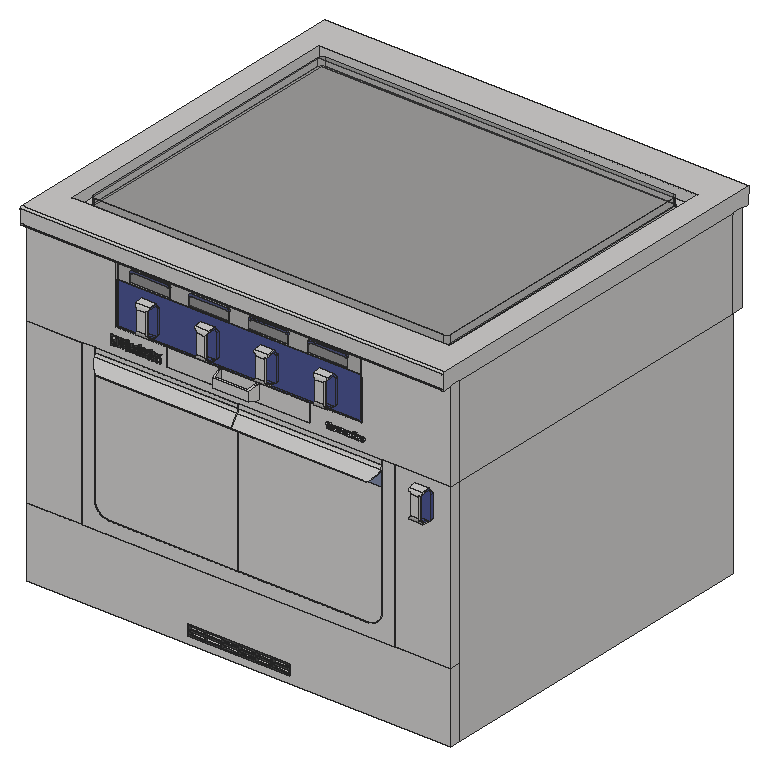
Revit family "QF_ELECTROLUXPROFESSIONAL_589701_MCLPFAJ4AO", category Attrezzature speciali, Revit 2020
Family settings
  Quota connettore circolare = Usa diametro
  Tipo di parte = Normale
  Basato su piano di lavoro = No
  Sempre verticale = Sì
  Taglio con vuoti quando caricato = No
  Condiviso = No
  Punto di calcolo locali = No
Parameters (values of type "Standard")
  Weight = 193.00 kg
  Watts = 18300 W
  Volts = 400 V
  URL Manufacturer = "https://www.electroluxprofessional.com/"
  URL = "https://www.electroluxprofessional.com/"
  Steam Supply Size = 0"
  Steam Supply Minimum Pressure = 0.00 psi
  Steam Supply Maximum Pressure = 0.00 psi
  Steam Consumption per Hour = 0
  Refrigeration Suction Line Size = 0 mm
  Refrigeration Liquid Line Size = 0 mm
  Refrigerant Compressor Remote = yes
  Prospetto di default = 0 mm
  Phase = 3
  Modello = "MCLPFAJ4AO"
  Produttore = "Electrolux Professional"
  Length Actual = 1000 mm  # constant formula
  Item Number = "589701"
  Hot Water Size = 0"
  Height Actual = 800 mm  # constant formula
  HP = "24.5 HP"
  Gas Size = 0"
  Gas KW = 0
  Gas Input Pressure = 0.0 Btu/h
  Direct Waste Size = 0"
  Descrizione = "EL.SOLID TOP,WARM.CAB.1S,1000X900X800H"
  Depth Actual = 900 mm  # constant formula
  Cycle = 50 Hz
  Condensate Return Size = 0"
  Compressed Air Volume = 0 GPM
  Compressed Air Size = 0"
  Compressed Air Pressure = 0.00 psi
  Cold Water Size = 0"
  Accessory = yes
Reference planes
  plane 1 "BACK": y = 0
  plane 2: z = 0
  plane 3 "LEFT": x = -100
  plane 4 "RIGHT": x = 900
  plane 5 "FRONT": y = -900
  plane 6 "TOP": z = 900
  plane 7 "Center (Left/Right)": x = 400
  plane 8: y = -450
  plane 9: z = 100
  plane 10: y = -150
  plane 11 "Panel": y = -855
  plane 12: z = 798
  plane 13: z = 1327
  plane 14: x = -22
  plane 15: x = 822
  plane 16: y = -150
  plane 17: y = -650
  plane 18 "EIx": x = 855
  plane 19 "EIy": y = -685
  plane 20: y = -880
  plane 21: z = 938
Forms (mm)
  Extrusion 1, solid, material "QF_Finishes_Stainless Steel"
    sketch origin (-178.969, -4572, 100) x (-1, 0, 0) y (0, -1, 0)
      loop
        line (-78.969, -4527) -> (-78.969, -3717) -> (-1078.969, -3717) -> (-1078.969, -4527) -> (-78.969, -4527)
    from 549.969 to 762.969
  Extrusion 2, solid, material "QF_Finishes_Stainless Steel"
    sketch origin (-100, 0, -100) x (0, 1, 0) y (0, 0, 1)
      loop
        line (-855, 200) -> (-855, 365) -> (-880, 365) -> (-880, 200) -> (-855, 200)
    from 0 to 1000
  Extrusion 3, solid, material "QF_Finishes_Stainless Steel"
    sketch origin (-488.969, -4662, 100) x (-1, 0, 0) y (0, -1, 0)
      loop
        circle (-1343.969, -3977) r 6.35
    from 0 to -11.851
  Extrusion 4, solid, material "QF_Finishes_Stainless Steel"
    sketch origin (400, 296.4, 1219.2) x (0, 1, 0) y (0, 0, 1)
      loop
        line (-296.4, -319.2) -> (-1191.4, -319.2)
        arc (-1191.4, -319.2) -> (-1194.935, -320.664) -> (-1196.4, -324.2) r 5
        line (-1196.4, -324.2) -> (-1196.4, -355.2)
        arc (-1196.4, -355.2) -> (-1194.971, -358.264) -> (-1191.705, -359.139) r 4
        line (-1191.705, -359.139) -> (-1176.4, -356.231) -> (-316.4, -356.231) -> (-301.094, -359.139)
        arc (-301.094, -359.139) -> (-297.829, -358.264) -> (-296.4, -355.2) r 4
        line (-296.4, -355.2) -> (-296.4, -319.2)
    from -500 to 500
  Extrusion 5, solid, material "QF_Finishes_Electrolux_Black Smoke Iluminated"
    sketch origin (0, 0, 900) x (-1, 0, 0) y (0, -1, 0)
      loop
        arc (12, 109) -> (19.071, 111.929) -> (22, 119) r 10
        line (22, 119) -> (22, 780)
        arc (22, 780) -> (19.071, 787.071) -> (12, 790) r 10
        line (12, 790) -> (-812, 790)
        arc (-812, 790) -> (-819.071, 787.071) -> (-822, 780) r 10
        line (-822, 780) -> (-822, 119)
        arc (-822, 119) -> (-819.071, 111.929) -> (-812, 109) r 10
        line (-812, 109) -> (12, 109)
    from 0 to -20
  Extrusion 6, solid, material "QF_Finishes_Stainless Steel"
    sketch origin (-178.969, -4572, 100) x (-1, 0, 0) y (0, -1, 0)
      loop
        line (-78.969, -4527) -> (-78.969, -3717) -> (-1078.969, -3717) -> (-1078.969, -4527) -> (-78.969, -4527)
    from 549.969 to 0
  Extrusion 7, void
    sketch origin (0, -855, -100) x (-1, 0, 0) y (0, 0, 1)
      loop
        line (-520, 216.594) -> (-280, 216.594) -> (-280, 241.594) -> (-520, 241.594) -> (-520, 216.594)
    from 0 to -25
  Extrusion 8, solid, material "QF_Finishes_Black"
    sketch origin (0, -855, -100) x (-1, 0, 0) y (0, 0, 1)
      loop
        line (-280, 241.594) -> (-520, 241.594) -> (-520, 216.594) -> (-280, 216.594) -> (-280, 241.594)
      loop
        line (-282, 239.594) -> (-319.131, 239.594) -> (-319.131, 230.094) -> (-282, 230.094) -> (-282, 239.594)
      loop
        line (-282, 218.594) -> (-282, 228.094) -> (-319.131, 228.094) -> (-319.131, 218.594) -> (-282, 218.594)
      loop
        line (-321.131, 239.594) -> (-359.066, 239.594) -> (-359.066, 230.094) -> (-321.131, 230.094) -> (-321.131, 239.594)
      loop
        line (-399, 239.594) -> (-399, 230.094) -> (-361.066, 230.094) -> (-361.066, 239.594) -> (-399, 239.594)
      loop
        line (-401, 239.594) -> (-438.934, 239.594) -> (-438.934, 230.094) -> (-401, 230.094) -> (-401, 239.594)
      loop
        line (-359.066, 218.594) -> (-321.131, 218.594) -> (-321.131, 228.094) -> (-359.066, 228.094) -> (-359.066, 218.594)
      loop
        line (-361.066, 218.594) -> (-361.066, 228.094) -> (-399, 228.094) -> (-399, 218.594) -> (-361.066, 218.594)
      loop
        line (-401, 228.094) -> (-438.934, 228.094) -> (-438.934, 218.594) -> (-401, 218.594) -> (-401, 228.094)
      loop
        line (-518, 239.594) -> (-518, 230.094) -> (-480.869, 230.094) -> (-480.869, 239.594) -> (-518, 239.594)
      loop
        line (-518, 218.594) -> (-480.869, 218.594) -> (-480.869, 228.094) -> (-518, 228.094) -> (-518, 218.594)
      loop
        line (-478.869, 239.594) -> (-478.869, 230.094) -> (-440.934, 230.094) -> (-440.934, 239.594) -> (-478.869, 239.594)
      loop
        line (-440.934, 218.594) -> (-440.934, 228.094) -> (-478.869, 228.094) -> (-478.869, 218.594) -> (-440.934, 218.594)
    from -25.03 to -20
  Extrusion 9, void
    sketch origin (0, 0, 900) x (-1, 0, 0) y (0, -1, 0)
      loop
        line (47, 815) -> (-847, 815) -> (-847, 84) -> (47, 84) -> (47, 815)
    from 0 to -25
  Extrusion 10, solid, material "QF_Finishes_Stainless Steel"
    sketch origin (0, 0, 900) x (-1, 0, 0) y (0, -1, 0)
      loop
        line (18, 113) -> (18, 786) -> (-818, 786) -> (-818, 113) -> (18, 113)
    from -20 to -25
  Extrusion 11, solid, material "QF_Finishes_Stainless Steel"
    sketch origin (400, 296.4, 1219.169) x (0, 1, 0) y (0, 0, 1)
      loop
        line (-341.4, -356.2) -> (-341.4, -569.2) -> (-316.4, -569.2) -> (-316.4, -356.2) -> (-341.4, -356.2)
    from -500 to 500
  Extrusion 12, solid, material "QF_Finishes_Stainless Steel"
    sketch origin (0, -900, 0) x (1, 0, 0) y (0, 0, 1)
      loop
        line (-100, 649.969) -> (-100, 265) -> (30, 265) -> (30, 649.969) -> (-100, 649.969)
      loop
        line (900, 650) -> (770, 650) -> (770, 265) -> (900, 265) -> (900, 650)
    from -45 to -20
  Extrusion 13, solid, material "QF_Finishes_Stainless Steel"
    sketch origin (0, -900, 0) x (1, 0, 0) y (0, 0, 1)
      loop
        line (32, 265) -> (768, 265) -> (768, 650) -> (740, 650) -> (740, 327)
        arc (740, 327) -> (730.627, 304.373) -> (708, 295) r 32
        line (708, 295) -> (92, 295)
        arc (92, 295) -> (69.373, 304.373) -> (60, 327) r 32
        line (60, 327) -> (60, 649.969) -> (32, 649.969) -> (32, 265)
    from -45 to -20
Cuts and joins
  Extrusion 7 cuts Extrusion 6
  Extrusion 7 cuts Extrusion 2
  Extrusion 9 cuts Extrusion 4
Lines and regions (mm)
  symbolic lines
    curve 1: line (-100, 0, 100) -> (900, 0, 100)
    curve 2: line (-100, -900, 100) -> (-100, 0, 100)
    curve 3: line (900, -900, 100) -> (-100, -900, 100)
    curve 4: line (900, 0, 100) -> (900, -900, 100)
    curve 5: line (812, -109, 100) -> (-12, -109, 100)
    curve 6: line (-22, -119, 100) -> (-22, -780, 100)
    curve 7: line (-12, -790, 100) -> (812, -790, 100)
    curve 8: line (822, -780, 100) -> (822, -119, 100)
    curve 9: arc (-12, -109, 100) -> (-19.071, -111.929, 100) -> (-22, -119, 100) r 10
    curve 10: arc (822, -119, 100) -> (819.071, -111.929, 100) -> (812, -109, 100) r 10
    curve 11: arc (812, -790, 100) -> (819.071, -787.071, 100) -> (822, -780, 100) r 10
    curve 12: arc (-22, -780, 100) -> (-19.071, -787.071, 100) -> (-12, -790, 100) r 10
    curve 13: line (847, -84, 900) -> (-47, -84, 900)
    curve 14: line (-47, -84, 900) -> (-47, -815, 900)
    curve 15: line (847, -815, 900) -> (847, -84, 900)
    curve 16: line (-47, -815, 900) -> (847, -815, 900)
  model lines, style "SpecialityEquipment"
    curve 17: arc (634, -211, 900) -> (580.967, -339.033, 900) -> (709, -286, 900) r 75
    curve 18: line (689, -286, 900) -> (729, -286, 900)
    curve 19: line (729, -286, 900) -> (709, -266, 900)
    curve 20: line (689, -286, 900) -> (709, -266, 900)
    curve 21: arc (166, -211, 900) -> (112.967, -339.033, 900) -> (241, -286, 900) r 75
    curve 22: line (221, -286, 900) -> (261, -286, 900)
    curve 23: line (261, -286, 900) -> (241, -266, 900)
    curve 24: line (221, -286, 900) -> (241, -266, 900)
    curve 25: arc (634, -539, 900) -> (580.967, -667.033, 900) -> (709, -614, 900) r 75
    curve 26: line (689, -614, 900) -> (729, -614, 900)
    curve 27: line (729, -614, 900) -> (709, -594, 900)
    curve 28: line (689, -614, 900) -> (709, -594, 900)
    curve 29: arc (166, -539, 900) -> (112.967, -667.033, 900) -> (241, -614, 900) r 75
    curve 30: line (221, -614, 900) -> (261, -614, 900)
    curve 31: line (261, -614, 900) -> (241, -594, 900)
    curve 32: line (221, -614, 900) -> (241, -594, 900)
Dimensions and locks
  plane 3 "LEFT" to plane 4 "RIGHT" = 1000 mm
  plane 5 "FRONT" to plane 1 "BACK" = 900 mm
  plane 3 "LEFT" to plane 7 "Center (Left/Right)" to plane 4 "RIGHT" = 500 mm, 500 mm
  equal spacing: plane 5 "FRONT", plane 8, plane 1 "BACK"
  plane 6 "TOP" to level = 900 mm  (x2)
  plane 9 to level = 100 mm
  plane 1 "BACK" to plane 10 to plane 11 "Panel" = 150 mm, 705 mm  (x2)
  plane 6 "TOP" to plane 9 to level = 800 mm, 100 mm
  plane 1 "BACK" to plane 5 "FRONT" = 900 mm
  plane 1 "BACK" to Extrusion 3 = 685 mm
  plane 12 to plane 9 = 698 mm
  plane 13 to plane 6 "TOP" = 427 mm
  plane 6 "TOP" to plane 12 = 102 mm
  plane 14 to plane 3 "LEFT" = 78 mm
  plane 15 to plane 4 "RIGHT" = 78 mm
  locked: plane 1 "BACK" to plane 16 at 150
  locked: plane 16 to plane 17 at 500
  plane 11 "Panel" to plane 5 "FRONT" = 45 mm
  plane 18 "EIx" to plane 4 "RIGHT" = 45 mm
  plane 19 "EIy" to plane 1 "BACK" = 685 mm
  locked: plane 11 "Panel" to plane 20 at 25
  plane 21 to plane 6 "TOP" = 38 mm
  aligned and locked: level to plane 2
  aligned and locked: Extrusion 2 to plane 4 "RIGHT"
  aligned and locked: cut or joined group of Extrusion 4, Extrusion 9 to plane 3 "LEFT"
  aligned and locked: cut or joined group of Extrusion 4, Extrusion 9 to plane 4 "RIGHT"
  aligned and locked: cut or joined group of Extrusion 6, Extrusion 7 to plane 4 "RIGHT"
  aligned and locked: cut or joined group of Extrusion 6, Extrusion 7 to plane 3 "LEFT"
  aligned and locked: nested 2 to plane 11 "Panel"
  aligned and locked: Extrusion 1 to plane 11 "Panel"
  aligned and locked: plane 11 "Panel" to cut or joined group of Extrusion 2, Extrusion 7
  aligned and locked: nested 1 to plane 20
  aligned and locked: Extrusion 11 to plane 4 "RIGHT"
  aligned and locked: Extrusion 1 to plane 3 "LEFT"
  aligned and locked: Extrusion 11 to plane 3 "LEFT"
  aligned and locked: Extrusion 1 to plane 4 "RIGHT"
  aligned and locked: plane 7 "Center (Left/Right)" to nested 3
  aligned and locked: Extrusion 12 to nested 2
  aligned and locked: plane 20 to Extrusion 12
  aligned and locked: plane 11 "Panel" to Extrusion 13
  aligned and locked: plane 20 to Extrusion 13
Automatic sketch dimensions
  Extrusion 1 sketch curve to plane 4 "RIGHT" = 0 mm
  Extrusion 1 sketch curve to plane 3 "LEFT" = 0 mm
  Extrusion 1 sketch curve to plane 11 "Panel" = 0 mm
  plane 1 "BACK" to Extrusion 1 sketch curve = 45 mm
  Extrusion 2 sketch curve to plane 9 = 0 mm
  Extrusion 2 sketch curve to plane 20 = 0 mm
  Extrusion 2 sketch curve to plane 11 "Panel" = 0 mm
  plane 9 to Extrusion 2 sketch curve = 165 mm
  plane 1 "BACK" to curve 1 = 0 mm
  curve 1 to plane 4 "RIGHT" = 0 mm
  curve 8 to plane 15 = 0 mm
  curve 6 to plane 14 = 0 mm
  curve 2 to plane 3 "LEFT" = 0 mm
  plane 5 "FRONT" to curve 3 = 0 mm
  plane 15 to curve 5 = 10 mm
  plane 15 to curve 11 = 10 mm
  curve 5 to plane 14 = 10 mm
  curve 12 to curve 12 = 10 mm
  plane 10 to curve 5 = 41 mm
  plane 11 "Panel" to curve 11 = 75 mm
  Extrusion 3 sketch curve to plane 18 "EIx" = 0 mm
  Extrusion 3 sketch curve to plane 19 "EIy" = 0 mm
  Extrusion 4 sketch curve to plane 5 "FRONT" = 0 mm
  Extrusion 4 sketch curve to plane 6 "TOP" = 0 mm
  Extrusion 4 sketch curve to plane 20 = 0 mm
  Extrusion 4 sketch curve to plane 1 "BACK" = 0 mm
  Extrusion 4 sketch curve to Extrusion 4 sketch curve = 4 mm
  Extrusion 4 sketch curve to Extrusion 4 sketch curve = 0.695 mm
  Extrusion 4 sketch curve to plane 5 "FRONT" = 5 mm
  plane 1 "BACK" to Extrusion 4 sketch curve = 20 mm
  plane 1 "BACK" to Extrusion 4 sketch curve = 4.695 mm
  plane 1 "BACK" to Extrusion 4 sketch curve = 4 mm
  Extrusion 4 sketch curve to Extrusion 4 sketch curve = 31 mm
  Extrusion 4 sketch curve to Extrusion 4 sketch curve = 36 mm
  Extrusion 4 sketch curve to Extrusion 4 sketch curve = 2.909 mm
  Extrusion 5 sketch curve to plane 15 = 0 mm
  Extrusion 5 sketch curve to plane 14 = 0 mm
  plane 15 to Extrusion 5 sketch curve = 10 mm  (x2)
  Extrusion 5 sketch curve to Extrusion 5 sketch curve = 10 mm  (x2)
  plane 10 to Extrusion 5 sketch curve = 41 mm
  plane 11 "Panel" to Extrusion 5 sketch curve = 75 mm
  Extrusion 6 sketch curve to plane 4 "RIGHT" = 0 mm
  Extrusion 6 sketch curve to plane 3 "LEFT" = 0 mm
  Extrusion 6 sketch curve to plane 11 "Panel" = 0 mm
  plane 1 "BACK" to Extrusion 6 sketch curve = 45 mm
  plane 9 to Extrusion 7 sketch curve = 41.594 mm
  plane 7 "Center (Left/Right)" to Extrusion 7 sketch curve = 120 mm
  Extrusion 7 sketch curve to plane 7 "Center (Left/Right)" = 120 mm
  plane 9 to Extrusion 7 sketch curve = 16.594 mm
  plane 9 to Extrusion 8 sketch curve = 41.594 mm
  plane 7 "Center (Left/Right)" to Extrusion 8 sketch curve = 120 mm
  Extrusion 8 sketch curve to Extrusion 8 sketch curve = 2 mm  (x15)
  Extrusion 8 sketch curve to Extrusion 8 sketch curve = 0 mm  (x16)
  Extrusion 8 sketch curve to Extrusion 8 sketch curve = 37.131 mm  (x2)
  Extrusion 8 sketch curve to Extrusion 8 sketch curve = 37.934 mm  (x3)
  plane 7 "Center (Left/Right)" to Extrusion 8 sketch curve = 1 mm  (x2)
  Extrusion 8 sketch curve to plane 7 "Center (Left/Right)" = 1 mm  (x2)
  plane 9 to Extrusion 8 sketch curve = 18.594 mm  (x4)
  Extrusion 8 sketch curve to Extrusion 8 sketch curve = 9.5 mm  (x6)
  plane 18 "EIx" to Extrusion 9 sketch curve = 8 mm
  plane 14 to Extrusion 9 sketch curve = 25 mm
  plane 10 to Extrusion 9 sketch curve = 66 mm
  plane 11 "Panel" to Extrusion 9 sketch curve = 40 mm
  plane 15 to Extrusion 10 sketch curve = 4 mm
  Extrusion 10 sketch curve to plane 14 = 4 mm
  plane 10 to Extrusion 10 sketch curve = 37 mm
  plane 11 "Panel" to Extrusion 10 sketch curve = 69 mm
  plane 18 "EIx" to curve 16 = 8 mm
  plane 15 to curve 19 = 93 mm
  curve 27 to plane 17 = 36 mm
  plane 15 to curve 27 = 93 mm
  curve 26 to curve 27 = 20 mm
  curve 18 to curve 20 = 20 mm
  curve 19 to curve 20 = 20 mm
  curve 28 to curve 26 = 20 mm
  curve 18 to curve 17 = 55 mm
  curve 26 to curve 25 = 55 mm
  curve 31 to plane 17 = 36 mm
  curve 31 to plane 7 "Center (Left/Right)" = 139 mm
  curve 23 to plane 7 "Center (Left/Right)" = 139 mm
  curve 22 to curve 24 = 20 mm
  curve 30 to curve 31 = 20 mm
  curve 32 to curve 32 = 20 mm
  curve 23 to curve 24 = 20 mm
  curve 22 to curve 21 = 55 mm
  curve 30 to curve 29 = 55 mm
  plane 14 to curve 14 = 25 mm
  curve 22 to plane 10 = 136 mm
  curve 18 to plane 10 = 136 mm
  plane 10 to curve 13 = 66 mm
  plane 11 "Panel" to curve 15 = 40 mm
  curve 25 to curve 26 = 20 mm
  curve 17 to curve 18 = 20 mm
  curve 29 to curve 30 = 20 mm
  curve 21 to curve 22 = 20 mm
  plane 1 "BACK" to Extrusion 11 sketch curve = 45 mm
  plane 1 "BACK" to Extrusion 11 sketch curve = 20 mm
  Extrusion 11 sketch curve to plane 12 = 148.031 mm
  Extrusion 11 sketch curve to plane 6 "TOP" = 37.031 mm
  Extrusion 12 sketch curve to plane 3 "LEFT" = 0 mm
  plane 4 "RIGHT" to Extrusion 12 sketch curve = 0 mm
  Extrusion 12 sketch curve to plane 14 = 52 mm
  plane 15 to Extrusion 12 sketch curve = 52 mm
  plane 9 to Extrusion 12 sketch curve = 165 mm  (x2)
  Extrusion 12 sketch curve to plane 12 = 148.031 mm
  Extrusion 12 sketch curve to plane 12 = 148 mm
  Extrusion 13 sketch curve to plane 14 = 54 mm
  Extrusion 13 sketch curve to Extrusion 13 sketch curve = 28 mm
  Extrusion 13 sketch curve to Extrusion 13 sketch curve = 32 mm  (x2)
  plane 15 to Extrusion 13 sketch curve = 114 mm
  plane 15 to Extrusion 13 sketch curve = 54 mm
  plane 9 to Extrusion 13 sketch curve = 165 mm
  Extrusion 13 sketch curve to Extrusion 13 sketch curve = 30 mm
  Extrusion 13 sketch curve to plane 12 = 148.031 mm
  Extrusion 13 sketch curve to plane 12 = 148 mm
  radius of Extrusion 3 sketch curve = 6.35 mm
Nested families
  nested 1: "FIT Range Control Handle" at (835, -883.137, -372.751), type "FIT Range Control Handle"
  nested 2: "Front_Panel_W1000_Four Knobs" at (102.376, -855, 0), type "Front_Panel_W1000_Four Knobs"
  nested 3: "H450H2W1000_2DOOR" at (363.958, -855, 200) x (1, 0, 0) z (0, -1, 0), type "H450H2W1000_2DOOR"
    with Width 680 mm, Wdoor 340 mm, Show Clearance yes
  nested 4: "Warm" at (900, -900, 0), type "Warm"
Connectors
  electrical at (855, -685, 88.149)
    settings: on Extrusion 3, index 1, voltage 400 V, apparent load 33000 VA, apparent load phase1 0 VA, apparent load phase2 0 VA, apparent load phase3 0 VA, power factor 1, load classification "Other", number of poles 1, system type 30, power factor state 1, is connector primary yes, connector utility no, sub classification motor no, connector description "ELECTRICAL CONNECTION"
Definition of nested family "FIT Range Control Handle"
  Parameters
    Default Elevation = 0 mm
  Reference planes
    plane 1 "Center (Front/Back)": y = 0
    plane 2: z = 0
    plane 3 "Center (Left/Right)": x = 0
    plane 4: z = 971.092
    plane 5: y = -16.8
  Forms (mm)
    Extrusion 1, solid
      sketch origin (-746.28, 380.497, 208.931) x (-1, 0, 0) y (0, 0, 1)
        loop
          line (-770.101, 786.798) -> (-770.101, 731.649)
          arc (-770.101, 731.649) -> (-769.759, 730.563) -> (-768.855, 729.87) r 1.893
          line (-768.855, 729.87) -> (-763.474, 727.911) -> (-729.81, 727.911) -> (-724.428, 729.87)
          arc (-724.428, 729.87) -> (-723.525, 730.563) -> (-723.183, 731.649) r 1.893
          line (-723.183, 731.649) -> (-723.183, 786.798)
          arc (-723.183, 786.798) -> (-723.529, 787.894) -> (-724.44, 788.593) r 1.91
          line (-724.44, 788.593) -> (-729.683, 790.819) -> (-763.601, 790.819) -> (-768.844, 788.593)
          arc (-768.844, 788.593) -> (-769.755, 787.894) -> (-770.101, 786.798) r 1.91
      from -382.35 to -378.852
    Sweep 2, solid
      path origin (-746.788, 380.496, 208.091) x (0, -1, 0) y (0, 0, 1)
        loop
          line (379.775, 793.281) -> (395.661, 791.048)
          arc (395.661, 791.048) -> (397.781, 787.377) -> (398.517, 783.202) r 12.207
          line (398.517, 783.202) -> (398.517, 737.368)
          arc (398.517, 737.368) -> (397.781, 733.193) -> (395.661, 729.522) r 12.207
          line (395.661, 729.522) -> (379.775, 727.289)
      profile origin (-746.788, -7.222, 1000.256) x (0, -0.139173, 0.990268) y (-1, 0, 0)
        loop
          line (0.782, -763.123) -> (0.782, -730.907) -> (-1.322, -730.907) -> (-1.322, -763.123) -> (0.782, -763.123)
    Sweep 3, solid
      path origin (-746.788, 380.715, 207.832) x (0, -1, 0) y (0, 0, 1)
        loop
          line (380.478, 795.442) -> (397.218, 793.09)
          arc (397.218, 793.09) -> (399.929, 788.473) -> (400.871, 783.202) r 15.207
          line (400.871, 783.202) -> (400.871, 737.584)
          arc (400.871, 737.584) -> (399.914, 732.274) -> (397.164, 727.633) r 15.207
          line (397.164, 727.633) -> (380.601, 725.305)
      profile origin (-746.788, -8.132, 1002.099) x (0, -0.139173, 0.990268) y (-1, 0, 0)
        loop
          line (0.782, -763.123) -> (0.782, -730.907) -> (-1.322, -730.907) -> (-1.322, -763.123) -> (0.782, -763.123)
    Extrusion 4, void
      sketch origin (889.253, 220.666, 207.993) x (1, 0, 0) y (0, 0, 1)
        loop
          line (-943.038, 816.854) -> (-943.038, 703.686) -> (-899.466, 734.196) -> (-899.466, 786.344) -> (-943.038, 816.854)
      from 230.636 to 242.25
    Extrusion 5, void
      sketch origin (-888.8, 220.666, 207.993) x (-1, 0, 0) y (0, 0, -1)
        loop
          line (-943.038, -816.854) -> (-899.466, -786.344) -> (-899.466, -734.196) -> (-943.038, -703.686) -> (-943.038, -816.854)
      from 230.636 to 242.25
    Extrusion 6, solid
      sketch origin (0, 0, 0) x (1, 0, 0) y (0, 0, 1)
        loop
          circle (0, 971.092) r 7.736
      from -3.137 to -1.645
  Cuts and joins
    Extrusion 4, Extrusion 5 cuts Sweep 3
    Extrusion 4, Extrusion 5 cuts Sweep 2
    joined: Extrusion 1, Extrusion 6
  Lines and regions (mm)
    symbolic lines
      curve 1: line (-15.881, -19.189, 0) -> (-15.881, -16.8, 0)
      curve 2: line (16.334, -19.189, 0) -> (16.334, -16.8, 0)
      curve 3: spline (-15.881, -19.189, 0) -> (-15.417, -19.349, 0) -> (-14.951, -19.501, 0) -> (-14.483, -19.646, 0) -> (-14.014, -19.783, 0) -> (-13.543, -19.912, 0) -> (-13.071, -20.033, 0) -> (-12.597, -20.146, 0) -> (-12.122, -20.251, 0) -> (-11.646, -20.349, 0) -> (-11.169, -20.438, 0) -> (-10.691, -20.52, 0) -> (-10.213, -20.593, 0)
      curve 4: spline (10.666, -20.593, 0) -> (11.144, -20.52, 0) -> (11.622, -20.438, 0) -> (12.099, -20.349, 0) -> (12.575, -20.251, 0) -> (13.05, -20.146, 0) -> (13.524, -20.033, 0) -> (13.996, -19.912, 0) -> (14.467, -19.783, 0) -> (14.936, -19.646, 0) -> (15.404, -19.501, 0) -> (15.87, -19.349, 0) -> (16.334, -19.189, 0)
      curve 5: line (-10.213, -20.938, 0) -> (10.716, -20.938, 0)
  Dimensions and locks
    cut or joined group of Sweep 3, Extrusion 4, Extrusion 5 to cut or joined group of Sweep 3, Extrusion 4, Extrusion 5 = 71.686 mm
Definition of nested family "Front_Panel_W1000_Four Knobs"
  Parameters
    Default Elevation = 0 mm
  Reference planes
    plane 1 "Center (Front/Back)": y = 0
    plane 2: z = 0
    plane 3 "Center (Left/Right)": x = 297.624
    plane 4 "Left": x = -202.376
    plane 5 "Right": x = 797.624
    plane 6: y = -45
    plane 7: x = 87.624
    plane 8: x = 227.624
    plane 9: y = -310
    plane 10: y = -25
    plane 11: x = -2.376
    plane 12: x = 367.624
    plane 13: x = 507.624
    plane 14: x = 594.715
  Forms (mm)
    Extrusion 1, solid
      sketch origin (833.217, 829.203, -1.25) x (0, 1, 0) y (0, 0, 1)
        loop
          line (-854.203, 651.25) -> (-829.203, 651.25) -> (-829.203, 864.25) -> (-854.203, 864.25) -> (-854.203, 651.25)
      from -1035.593 to -35.593
    Extrusion 2, void
      sketch origin (0, 0, 0) x (1, 0, 0) y (0, 0, 1)
        loop
          line (7.624, 853.866) -> (7.624, 711.866) -> (587.624, 711.866) -> (587.624, 853.866) -> (7.624, 853.866)
      from 19.387 to 33.951
    Extrusion 3, void
      sketch origin (0, 0, 0) x (1, 0, 0) y (0, 0, 1)
        loop
          line (128.624, 711.866) -> (128.624, 668.866) -> (466.624, 668.866) -> (466.624, 711.866) -> (128.624, 711.866)
      from 19.387 to 25
    Extrusion 4, solid
      sketch origin (150, 0, 1) x (1, 0, 0) y (0, 0, 1)
        loop
          line (-21.376, 710.866) -> (-21.376, 667.866) -> (316.624, 667.866) -> (316.624, 710.866) -> (-21.376, 710.866)
      from 19.387 to 25
    Extrusion 5, solid
      sketch origin (150, 0, 1) x (1, 0, 0) y (0, 1, 0)
        loop
          line (106.059, -25) -> (100.966, -25) -> (105.646, -49.075) -> (189.603, -49.075) -> (194.283, -25) -> (189.189, -25) -> (185.481, -44.075) -> (109.767, -44.075) -> (106.059, -25)
      from 672.593 to 705.67
    Extrusion 6, void
      sketch origin (297.624, 0, 1) x (0, 1, 0) y (0, 0, 1)
        loop
          line (-30, 705.67) -> (-30, 710.67) -> (-56.744, 710.67) -> (-56.744, 667.593) -> (-30, 667.593) -> (-30, 672.593) -> (-53.776, 680.318) -> (-53.776, 697.945) -> (-30, 705.67)
      from -50 to 50
    Extrusion 7, solid, detail levels coarse
      sketch origin (150, -265, 1) x (1, 0, 0) y (0, 1, 0)
        loop
          line (106.164, -71.744) -> (189.084, -71.744) -> (194.283, -45) -> (316.624, -45) -> (316.624, 240) -> (-21.376, 240) -> (-21.376, -45) -> (100.966, -45) -> (106.164, -71.744)
      from 672.593 to 705.67
    Extrusion 8, void
      sketch origin (297.624, -280, 1) x (0, 1, 0) y (0, 0, 1)
        loop
          line (-30, 705.67) -> (-30, 710.67) -> (-56.744, 710.67) -> (-56.744, 667.593) -> (-30, 667.593) -> (-30, 672.593) -> (-53.776, 680.318) -> (-53.776, 697.945) -> (-30, 705.67)
      from -50 to 50
  Cuts and joins
    Extrusion 2, Extrusion 3 cuts Extrusion 1
    Extrusion 6 cuts Extrusion 5
    Extrusion 6, Extrusion 8 cuts Extrusion 7
  Lines and regions (mm)
    symbolic lines
      curve 1: line (128.624, -45, 0) -> (128.624, -310, 0)
      curve 2: line (128.624, -310, 0) -> (466.624, -310, 0)
      curve 3: line (466.624, -310, 0) -> (466.624, -45, 0)
      curve 4: line (128.624, -300, 0) -> (466.624, -300, 0)
      curve 5: line (250.908, -309.701, 0) -> (255.587, -333.776, 0)
      curve 6: line (255.587, -333.776, 0) -> (339.545, -333.776, 0)
      curve 7: line (339.545, -333.776, 0) -> (344.225, -309.701, 0)
      curve 8: line (256.001, -309.701, 0) -> (259.709, -328.776, 0)
      curve 9: line (259.709, -328.776, 0) -> (335.423, -328.776, 0)
      curve 10: line (335.423, -328.776, 0) -> (339.131, -309.701, 0)
  Dimensions and locks
    equal spacing: plane 5 "Right", plane 3 "Center (Left/Right)", plane 4 "Left"
    plane 5 "Right" to plane 4 "Left" = 1000 mm
    plane 3 "Center (Left/Right)" to plane 7 = 210 mm
    plane 3 "Center (Left/Right)" to plane 8 = 70 mm
    plane 6 to plane 9 = 265 mm
    plane 13 to plane 3 "Center (Left/Right)" = 210 mm
    plane 12 to plane 3 "Center (Left/Right)" = 70 mm
    aligned and locked: cut or joined group of Extrusion 1, Extrusion 2, Extrusion 3 to plane 4 "Left"
    aligned and locked: plane 5 "Right" to cut or joined group of Extrusion 1, Extrusion 2, Extrusion 3
    aligned and locked: plane 3 "Center (Left/Right)" to nested 2
    aligned and locked: cut or joined group of Extrusion 1, Extrusion 2, Extrusion 3 to nested 2
  Automatic sketch dimensions
    plane 7 to Extrusion 3 sketch curve = 41 mm
    plane 3 "Center (Left/Right)" to Extrusion 3 sketch curve = 169 mm
    level to Extrusion 3 sketch curve = 668.866 mm
    Extrusion 3 sketch curve to Extrusion 3 sketch curve = 43 mm
    Extrusion 1 sketch curve to plane 1 "Center (Front/Back)" = 0 mm
    level to Extrusion 1 sketch curve = 650 mm
    plane 4 "Left" to Extrusion 2 sketch curve = 210 mm
    Extrusion 2 sketch curve to plane 5 "Right" = 210 mm
    level to Extrusion 2 sketch curve = 711.866 mm
    Extrusion 2 sketch curve to Extrusion 2 sketch curve = 142 mm
    plane 6 to curve 1 = 0 mm
    plane 6 to curve 3 = 0 mm
    plane 9 to curve 1 = 0 mm
    plane 7 to curve 1 = 41 mm
    curve 1 to curve 4 = 10 mm
    Extrusion 1 sketch curve to plane 6 = 20 mm
    Extrusion 1 sketch curve to Extrusion 1 sketch curve = 213 mm
    plane 7 to Extrusion 4 sketch curve = 41 mm
    Extrusion 4 sketch curve to plane 13 = 41 mm
    level to Extrusion 4 sketch curve = 668.866 mm
    Extrusion 4 sketch curve to Extrusion 4 sketch curve = 43 mm
    plane 10 to Extrusion 5 sketch curve = 0 mm  (x2)
    plane 8 to Extrusion 5 sketch curve = 23.342 mm
    plane 6 to Extrusion 5 sketch curve = 4.075 mm
    Extrusion 5 sketch curve to Extrusion 5 sketch curve = 4.68 mm
    Extrusion 5 sketch curve to Extrusion 5 sketch curve = 5.094 mm  (x2)
    Extrusion 5 sketch curve to plane 6 = 0.925 mm
    Extrusion 5 sketch curve to Extrusion 5 sketch curve = 4.122 mm  (x2)
    Extrusion 5 sketch curve to plane 12 = 32.143 mm
    Extrusion 5 sketch curve to Extrusion 5 sketch curve = 3.708 mm
    plane 6 to Extrusion 6 sketch curve = 11.744 mm
    plane 6 to Extrusion 6 sketch curve = 8.776 mm
    plane 10 to Extrusion 6 sketch curve = 5 mm  (x2)
    level to Extrusion 6 sketch curve = 668.593 mm
    Extrusion 6 sketch curve to Extrusion 6 sketch curve = 5 mm
    Extrusion 6 sketch curve to Extrusion 6 sketch curve = 12.725 mm  (x2)
    Extrusion 6 sketch curve to Extrusion 6 sketch curve = 17.627 mm
    Extrusion 6 sketch curve to Extrusion 6 sketch curve = 7.725 mm
    plane 10 to Extrusion 7 sketch curve = 0 mm
    Extrusion 7 sketch curve to plane 9 = 0 mm  (x2)
    plane 7 to Extrusion 7 sketch curve = 41 mm
    plane 8 to Extrusion 7 sketch curve = 23.342 mm
    Extrusion 7 sketch curve to Extrusion 7 sketch curve = 5.199 mm
    Extrusion 7 sketch curve to plane 12 = 28.54 mm
    Extrusion 7 sketch curve to plane 12 = 23.342 mm
    Extrusion 7 sketch curve to plane 13 = 41 mm
    Extrusion 7 sketch curve to plane 9 = 26.744 mm
    Extrusion 8 sketch curve to plane 9 = 0 mm  (x2)
    Extrusion 8 sketch curve to plane 9 = 23.776 mm
    Extrusion 8 sketch curve to Extrusion 8 sketch curve = 2.968 mm
    level to Extrusion 8 sketch curve = 668.593 mm
    Extrusion 8 sketch curve to Extrusion 8 sketch curve = 5 mm
    Extrusion 8 sketch curve to Extrusion 8 sketch curve = 12.725 mm  (x2)
    Extrusion 8 sketch curve to Extrusion 8 sketch curve = 17.627 mm
    Extrusion 8 sketch curve to Extrusion 8 sketch curve = 7.725 mm
    curve 3 to plane 13 = 41 mm
    plane 9 to curve 5 = 0.299 mm
    plane 8 to curve 5 = 23.283 mm
    curve 5 to curve 5 = 4.68 mm
    plane 9 to curve 8 = 0.299 mm
    curve 5 to curve 8 = 5.094 mm
    curve 5 to curve 9 = 4.122 mm
    curve 9 to plane 12 = 32.201 mm
    plane 9 to curve 10 = 0.299 mm
    curve 9 to curve 10 = 3.708 mm
    curve 9 to curve 7 = 4.122 mm
    plane 9 to curve 7 = 0.299 mm
    curve 10 to curve 7 = 5.094 mm
    curve 9 to plane 9 = 18.776 mm
    curve 6 to curve 8 = 5 mm
  Nested families
    nested 1: "Range Control Handle" at (87.624, -28.137, -209.113) x (-1, 0, 0) z (0, 0, 1), type "Range Control Handle"
    nested 2: "Front glass control panel W1000" at (297.624, 280.644, 2.752), type "Front glass control panel W1000"
    nested 3: "Range Control Handle" at (227.624, -28.137, -209.113) x (-1, 0, 0) z (0, 0, 1), type "Range Control Handle"
    nested 4: "Range Control Handle" at (367.624, -28.137, -209.113), type "Range Control Handle"
    nested 5: "Range Control Handle" at (507.624, -28.137, -209.113), type "Range Control Handle"
    nested 6: "ELX_ThermaLine_Small" at (546.122, -25, 679.426) x (1, 0, 0) z (0, -1, 0), type "ELX_ThermaLine_Small"
      with Show Logo yes, Material_Logo none
    nested 7: "ELX_Professional_Logo_Small" at (57.11, -25, 681.659) x (1, 0, 0) z (0, -1, 0), type "ELX_Professional_Logo_Small"
      with Show Logo yes, Material_Logo none
  Definition of nested family "Range Control Handle"
    Parameters
      Default Elevation = 0 mm
    Reference planes
      plane 1 "Center (Front/Back)": y = 0
      plane 2: z = 0
      plane 3 "Center (Left/Right)": x = 0
      plane 4: z = 971.092
      plane 5: y = -16.9
    Forms (mm)
      Extrusion 1, solid
        sketch origin (-746.28, 380.497, 208.931) x (-1, 0, 0) y (0, 0, 1)
          loop
            line (-770.101, 786.798) -> (-770.101, 731.649)
            arc (-770.101, 731.649) -> (-769.759, 730.563) -> (-768.855, 729.87) r 1.893
            line (-768.855, 729.87) -> (-763.474, 727.911) -> (-729.81, 727.911) -> (-724.428, 729.87)
            arc (-724.428, 729.87) -> (-723.525, 730.563) -> (-723.183, 731.649) r 1.893
            line (-723.183, 731.649) -> (-723.183, 786.798)
            arc (-723.183, 786.798) -> (-723.529, 787.894) -> (-724.44, 788.593) r 1.91
            line (-724.44, 788.593) -> (-729.683, 790.819) -> (-763.601, 790.819) -> (-768.844, 788.593)
            arc (-768.844, 788.593) -> (-769.755, 787.894) -> (-770.101, 786.798) r 1.91
        from -382.35 to -378.852
      Sweep 2, solid
        path origin (-746.788, 380.496, 208.091) x (0, -1, 0) y (0, 0, 1)
          loop
            line (379.775, 793.281) -> (395.661, 791.048)
            arc (395.661, 791.048) -> (397.781, 787.377) -> (398.517, 783.202) r 12.207
            line (398.517, 783.202) -> (398.517, 737.368)
            arc (398.517, 737.368) -> (397.781, 733.193) -> (395.661, 729.522) r 12.207
            line (395.661, 729.522) -> (379.775, 727.289)
        profile origin (-746.788, -7.222, 1000.256) x (0, -0.139173, 0.990268) y (-1, 0, 0)
          loop
            line (0.782, -763.123) -> (0.782, -730.907) -> (-1.322, -730.907) -> (-1.322, -763.123) -> (0.782, -763.123)
      Sweep 3, solid
        path origin (-746.788, 380.715, 207.832) x (0, -1, 0) y (0, 0, 1)
          loop
            line (380.478, 795.442) -> (397.218, 793.09)
            arc (397.218, 793.09) -> (399.929, 788.473) -> (400.871, 783.202) r 15.207
            line (400.871, 783.202) -> (400.871, 737.584)
            arc (400.871, 737.584) -> (399.914, 732.274) -> (397.164, 727.633) r 15.207
            line (397.164, 727.633) -> (380.601, 725.305)
        profile origin (-746.788, -8.132, 1002.099) x (0, -0.139173, 0.990268) y (-1, 0, 0)
          loop
            line (0.782, -763.123) -> (0.782, -730.907) -> (-1.322, -730.907) -> (-1.322, -763.123) -> (0.782, -763.123)
      Extrusion 4, void
        sketch origin (889.253, 220.666, 207.993) x (1, 0, 0) y (0, 0, 1)
          loop
            line (-943.038, 816.854) -> (-943.038, 703.686) -> (-899.466, 734.196) -> (-899.466, 786.344) -> (-943.038, 816.854)
        from 230.636 to 242.25
      Extrusion 5, void
        sketch origin (-888.8, 220.666, 207.993) x (-1, 0, 0) y (0, 0, -1)
          loop
            line (-943.038, -816.854) -> (-899.466, -786.344) -> (-899.466, -734.196) -> (-943.038, -703.686) -> (-943.038, -816.854)
        from 230.636 to 242.25
      Extrusion 6, solid
        sketch origin (0, 0, 0) x (1, 0, 0) y (0, 0, 1)
          loop
            circle (0, 971.092) r 7.736
        from -3.137 to -1.645
    Cuts and joins
      Extrusion 4, Extrusion 5 cuts Sweep 3
      Extrusion 4, Extrusion 5 cuts Sweep 2
      joined: Extrusion 1, Extrusion 6
    Lines and regions (mm)
      symbolic lines
        curve 1: line (16.334, -16.9, 0) -> (16.334, -19.227, 0)
        curve 2: spline (16.334, -19.227, 0) -> (15.87, -19.385, 0) -> (15.404, -19.536, 0) -> (14.936, -19.678, 0) -> (14.466, -19.813, 0) -> (13.995, -19.94, 0) -> (13.523, -20.059, 0) -> (13.049, -20.171, 0) -> (12.575, -20.274, 0) -> (12.099, -20.37, 0) -> (11.622, -20.458, 0) -> (11.144, -20.537, 0) -> (10.666, -20.609, 0)
        curve 3: line (10.666, -16.9, 0) -> (10.666, -20.938, 0)
        curve 4: line (-10.213, -20.938, 0) -> (10.666, -20.938, 0)
        curve 5: line (-10.213, -20.938, 0) -> (-10.213, -16.9, 0)
        curve 6: spline (-10.213, -20.609, 0) -> (-10.691, -20.537, 0) -> (-11.169, -20.458, 0) -> (-11.646, -20.37, 0) -> (-12.122, -20.274, 0) -> (-12.597, -20.171, 0) -> (-13.07, -20.059, 0) -> (-13.542, -19.94, 0) -> (-14.013, -19.813, 0) -> (-14.483, -19.678, 0) -> (-14.951, -19.536, 0) -> (-15.417, -19.385, 0) -> (-15.881, -19.227, 0)
        curve 7: line (-15.881, -19.227, 0) -> (-15.881, -16.9, 0)
  Definition of nested family "Front glass control panel W1000"
    Parameters
      Default Elevation = 0 mm
    Reference planes
      plane 1 "Center (Front/Back)": y = 0
      plane 2: z = 0
      plane 3 "Center (Left/Right)": x = 0
    Forms (mm)
      Extrusion 1, solid
        sketch origin (378.286, 0, 0.617) x (1, 0, 0) y (0, 0, 1)
          loop
            line (-668.286, 806.791) -> (-668.286, 708.497) -> (-88.286, 708.497) -> (-88.286, 806.791) -> (-668.286, 806.791)
        from 300.031 to 304.8
      Extrusion 2, solid
        sketch origin (378.286, 0, 0.617) x (1, 0, 0) y (0, 0, 1)
          loop
            line (-668.286, 850.497) -> (-668.286, 806.791) -> (-88.286, 806.791) -> (-88.286, 850.497) -> (-668.286, 850.497)
        from 300.031 to 304.8
      Extrusion 3, void
        sketch origin (378.286, 0, 0.617) x (1, 0, 0) y (0, 0, 1)
          loop
            line (-665.628, 847.565) -> (-665.628, 710.699) -> (-91.196, 710.699) -> (-91.196, 847.565) -> (-665.628, 847.565)
        from 303.697 to 304.8
      Extrusion 4, solid
        sketch origin (-378.333, 1.101, -0.633) x (-1, 0, 0) y (0, 0, -1)
          loop
            line (-261.431, -812.62) -> (-355.186, -812.62) -> (-355.186, -834.177) -> (-350.269, -834.177) -> (-348.469, -835.977) -> (-268.039, -835.977) -> (-266.24, -834.177) -> (-261.431, -834.177) -> (-261.431, -812.62)
        from 304.798 to 306.745
      Extrusion 5, solid
        sketch origin (-378.333, 1.101, -0.633) x (-1, 0, 0) y (0, 0, -1)
          loop
            line (-350.269, -834.177) -> (-355.078, -834.177)
            arc (-355.078, -834.177) -> (-353.942, -838.747) -> (-349.686, -840.763) r 5.5
            line (-349.686, -840.763) -> (-266.98, -840.763)
            arc (-266.98, -840.763) -> (-262.706, -838.752) -> (-261.529, -834.177) r 5.549
            line (-261.529, -834.177) -> (-266.24, -834.177) -> (-268.039, -835.977) -> (-348.469, -835.977) -> (-350.269, -834.177)
        from 304.798 to 306.745
      Extrusion 6, solid
        sketch origin (-518.333, 1.101, -0.633) x (-1, 0, 0) y (0, 0, -1)
          loop
            line (-261.431, -812.62) -> (-355.186, -812.62) -> (-355.186, -834.177) -> (-350.269, -834.177) -> (-348.469, -835.977) -> (-268.039, -835.977) -> (-266.24, -834.177) -> (-261.431, -834.177) -> (-261.431, -812.62)
        from 304.798 to 306.745
      Extrusion 7, solid
        sketch origin (-518.333, 1.101, -0.633) x (-1, 0, 0) y (0, 0, -1)
          loop
            line (-350.269, -834.177) -> (-355.078, -834.177)
            arc (-355.078, -834.177) -> (-353.942, -838.747) -> (-349.686, -840.763) r 5.5
            line (-349.686, -840.763) -> (-266.98, -840.763)
            arc (-266.98, -840.763) -> (-262.706, -838.752) -> (-261.529, -834.177) r 5.549
            line (-261.529, -834.177) -> (-266.24, -834.177) -> (-268.039, -835.977) -> (-348.469, -835.977) -> (-350.269, -834.177)
        from 304.798 to 306.745
      Extrusion 8, solid
        sketch origin (378.333, 1.101, -0.633) x (1, 0, 0) y (0, 0, 1)
          loop
            line (-261.431, 812.62) -> (-261.431, 834.177) -> (-266.24, 834.177) -> (-268.039, 835.977) -> (-348.469, 835.977) -> (-350.269, 834.177) -> (-355.186, 834.177) -> (-355.186, 812.62) -> (-261.431, 812.62)
        from 304.798 to 306.745
      Extrusion 9, solid
        sketch origin (378.333, 1.101, -0.633) x (1, 0, 0) y (0, 0, 1)
          loop
            line (-350.269, 834.177) -> (-348.469, 835.977) -> (-268.039, 835.977) -> (-266.24, 834.177) -> (-261.529, 834.177)
            arc (-261.529, 834.177) -> (-262.706, 838.752) -> (-266.98, 840.763) r 5.549
            line (-266.98, 840.763) -> (-349.686, 840.763)
            arc (-349.686, 840.763) -> (-353.942, 838.747) -> (-355.078, 834.177) r 5.5
            line (-355.078, 834.177) -> (-350.269, 834.177)
        from 304.798 to 306.745
      Extrusion 10, solid
        sketch origin (518.333, 1.101, -0.633) x (1, 0, 0) y (0, 0, 1)
          loop
            line (-261.431, 812.62) -> (-261.431, 834.177) -> (-266.24, 834.177) -> (-268.039, 835.977) -> (-348.469, 835.977) -> (-350.269, 834.177) -> (-355.186, 834.177) -> (-355.186, 812.62) -> (-261.431, 812.62)
        from 304.798 to 306.745
      Extrusion 11, solid
        sketch origin (518.333, 1.101, -0.633) x (1, 0, 0) y (0, 0, 1)
          loop
            line (-350.269, 834.177) -> (-348.469, 835.977) -> (-268.039, 835.977) -> (-266.24, 834.177) -> (-261.529, 834.177)
            arc (-261.529, 834.177) -> (-262.706, 838.752) -> (-266.98, 840.763) r 5.549
            line (-266.98, 840.763) -> (-349.686, 840.763)
            arc (-349.686, 840.763) -> (-353.942, 838.747) -> (-355.078, 834.177) r 5.5
            line (-355.078, 834.177) -> (-350.269, 834.177)
        from 304.798 to 306.745
    Cuts and joins
      Extrusion 3 cuts Extrusion 1
      Extrusion 3 cuts Extrusion 2
    Dimensions and locks
      aligned and locked: Extrusion 1 to Extrusion 2
      aligned and locked: Extrusion 5 sketch curve to Extrusion 4  (x5)
      aligned and locked: Extrusion 5 to Extrusion 4
      aligned and locked: Extrusion 7 sketch curve to Extrusion 6  (x5)
      aligned and locked: Extrusion 7 to Extrusion 6
      aligned and locked: Extrusion 9 sketch curve to Extrusion 8  (x4)
      aligned and locked: Extrusion 8 to Extrusion 9 sketch curve
      aligned and locked: Extrusion 9 to Extrusion 8
      aligned and locked: Extrusion 11 sketch curve to Extrusion 10  (x4)
      aligned and locked: Extrusion 10 to Extrusion 11 sketch curve
      aligned and locked: Extrusion 11 to Extrusion 10
  Definition of nested family "ELX_ThermaLine_Small"
    Parameters
      Show Logo [instance] = yes
      Material_Logo [instance] = none
      Default Elevation = 0 mm
    Reference planes
      plane 1 "Centro (Fronte/Retro)": y = 0
      plane 2: z = 0
      plane 3 "Centro (Sinistra/Destra)": x = 0
    Forms (mm)
      Extrusion 1, solid
        sketch origin (0, 0, 0) x (1, 0, 0) y (0, 1, 0)
          loop
            line (-1219.2, 1219.2) -> (-1219.2, -1219.2) -> (1219.2, -1219.2) -> (1219.2, 1219.2) -> (-1219.2, 1219.2)
        from 0 to -304.8
      Extrusion 2, solid
        sketch origin (0, 0, 0) x (1, 0, 0) y (0, 1, 0)
          loop
            line (-37.494, 1.229) -> (-35.908, 1.229) -> (-35.908, 3.066) -> (-37.494, 3.066) -> (-37.494, 6.221) -> (-39.867, 4.881) -> (-39.867, 3.066) -> (-40.969, 3.066) -> (-40.969, 1.229) -> (-39.867, 1.229) -> (-39.867, -3.407)
            arc (-39.867, -3.407) -> (-38.982, -5.513) -> (-36.751, -6.001) r 2.478
            line (-36.751, -6.001) -> (-35.638, -5.7) -> (-35.9, -3.835) -> (-36.661, -4.039)
            arc (-36.661, -4.039) -> (-37.236, -3.924) -> (-37.494, -3.399) r 0.662
            line (-37.494, -3.399) -> (-37.494, 1.229)
          loop
            line (-34.242, 6.539) -> (-34.242, -5.848) -> (-31.854, -5.848) -> (-31.854, -0.078)
            arc (-31.854, -0.078) -> (-30.939, 1.249) -> (-29.33, 1.367) r 1.866
            arc (-29.33, 1.367) -> (-28.695, 0.768) -> (-28.461, -0.073) r 1.627
            line (-28.461, -0.073) -> (-28.461, -5.848) -> (-26.086, -5.848) -> (-26.064, -0.46)
            arc (-26.064, -0.46) -> (-26.261, 0.932) -> (-26.786, 2.237) r 5.825
            arc (-26.786, 2.237) -> (-29.381, 3.264) -> (-31.854, 1.971) r 3.353
            line (-31.854, 1.971) -> (-31.854, 6.539) -> (-34.242, 6.539)
          loop
            arc (-18.398, -0.598) -> (-18.893, 0.879) -> (-20.326, 1.487) r 1.897
            arc (-20.326, 1.487) -> (-21.461, 0.708) -> (-21.897, -0.598) r 2.164
            line (-21.897, -0.598) -> (-18.398, -0.598)
          loop
            arc (-16.021, -2.044) -> (-16.754, 1.227) -> (-19.444, 3.226) r 4.814
            arc (-19.444, 3.226) -> (-22.137, 2.788) -> (-23.943, 0.743) r 4.054
            arc (-23.943, 0.743) -> (-24.382, -1.249) -> (-24.162, -3.276) r 6.289
            arc (-24.162, -3.276) -> (-23.302, -4.71) -> (-21.958, -5.705) r 4.28
            arc (-21.958, -5.705) -> (-18.558, -5.814) -> (-16.152, -3.409) r 4.28
            line (-16.152, -3.409) -> (-18.5, -2.995)
            arc (-18.5, -2.995) -> (-19.273, -3.994) -> (-20.533, -4.076) r 1.536
            arc (-20.533, -4.076) -> (-21.56, -3.281) -> (-21.958, -2.044) r 2.197
            line (-21.958, -2.044) -> (-16.021, -2.044)
          loop
            line (-14.165, -5.848) -> (-11.819, -5.848) -> (-11.819, -2.138)
            arc (-11.819, -2.138) -> (-11.787, -1.156) -> (-11.637, -0.185) r 8.18
            arc (-11.637, -0.185) -> (-10.644, 0.972) -> (-9.132, 0.776) r 1.603
            line (-9.132, 0.776) -> (-8.419, 2.846)
            arc (-8.419, 2.846) -> (-10.432, 3.118) -> (-11.994, 1.821) r 2.527
            line (-11.994, 1.821) -> (-11.994, 3.094) -> (-14.165, 3.094) -> (-14.165, -5.848)
          loop
            line (-7.579, 3.094) -> (-7.579, -5.848) -> (-5.178, -5.848) -> (-5.178, -0.756)
            arc (-5.178, -0.756) -> (-4.727, 0.679) -> (-3.417, 1.419) r 2.05
            arc (-3.417, 1.419) -> (-2.499, 0.908) -> (-2.155, -0.085) r 1.471
            line (-2.155, -0.085) -> (-2.155, -5.848) -> (0.23, -5.848) -> (0.23, -1.001)
            arc (0.23, -1.001) -> (0.47, 0.127) -> (1.148, 1.061) r 2.775
            arc (1.148, 1.061) -> (2.225, 1.329) -> (3.05, 0.587) r 1.182
            arc (3.05, 0.587) -> (3.199, -0.019) -> (3.214, -0.642) r 2.894
            line (3.214, -0.642) -> (3.214, -5.848) -> (5.601, -5.848) -> (5.601, 0.261)
            arc (5.601, 0.261) -> (4.87, 2.263) -> (2.976, 3.241) r 2.932
            arc (2.976, 3.241) -> (1.284, 2.973) -> (-0.047, 1.896) r 3.309
            arc (-0.047, 1.896) -> (-1.116, 2.865) -> (-2.506, 3.258) r 3.16
            arc (-2.506, 3.258) -> (-4.105, 2.942) -> (-5.376, 1.92) r 3.419
            line (-5.376, 1.92) -> (-5.376, 3.094) -> (-7.579, 3.094)
          loop
            line (7.583, 0.738) -> (9.702, 0.364)
            arc (9.702, 0.364) -> (11.441, 1.492) -> (12.855, -0.023) r 1.613
            line (12.855, -0.023) -> (9.782, -0.789)
            arc (9.782, -0.789) -> (8.559, -1.346) -> (7.617, -2.305) r 3.687
            arc (7.617, -2.305) -> (7.499, -3.681) -> (7.901, -5.003) r 3.651
            arc (7.901, -5.003) -> (9.107, -5.766) -> (10.515, -6.006) r 3.635
            arc (10.515, -6.006) -> (11.898, -5.697) -> (13.067, -4.895) r 3.734
            line (13.067, -4.895) -> (13.376, -5.848) -> (15.75, -5.848) -> (15.212, -4.193) -> (15.212, 0.38)
            arc (15.212, 0.38) -> (14.897, 1.849) -> (13.818, 2.895) r 2.585
            arc (13.818, 2.895) -> (11.792, 3.442) -> (9.719, 3.11) r 5.005
            arc (9.719, 3.11) -> (8.369, 2.178) -> (7.583, 0.738) r 3.54
          loop
            line (19.723, -5.848) -> (22.233, -5.848) -> (24.854, 6.484) -> (22.345, 6.484) -> (19.723, -5.848)
          loop
            line (24.583, -5.848) -> (26.953, -5.848) -> (28.848, 3.066) -> (26.478, 3.066) -> (24.583, -5.848)
          loop
            line (27.204, 6.484) -> (26.741, 4.305) -> (29.111, 4.305) -> (29.575, 6.484) -> (27.204, 6.484)
          loop
            line (29.355, -5.848) -> (31.849, -5.848) -> (33.098, 0.028)
            arc (33.098, 0.028) -> (34.169, 1.306) -> (35.832, 1.422) r 2.132
            arc (35.832, 1.422) -> (36.324, 0.752) -> (36.383, -0.078) r 1.5
            line (36.383, -0.078) -> (35.157, -5.848) -> (37.536, -5.848) -> (38.936, 0.738)
            arc (38.936, 0.738) -> (38.775, 2.091) -> (37.825, 3.066) r 2.118
            arc (37.825, 3.066) -> (35.392, 3.175) -> (33.295, 1.937) r 4.271
            line (33.295, 1.937) -> (33.535, 3.066) -> (31.25, 3.066) -> (29.355, -5.848)
          loop
            line (42.792, -0.64) -> (46.589, -0.64)
            arc (46.589, -0.64) -> (46.639, 0.124) -> (46.327, 0.823) r 1.589
            arc (46.327, 0.823) -> (45.117, 1.521) -> (43.762, 1.183) r 1.865
            arc (43.762, 1.183) -> (43.141, 0.344) -> (42.792, -0.64) r 3.538
          loop
            line (42.565, -2.138) -> (48.593, -2.138)
            arc (48.593, -2.138) -> (48.58, 0.597) -> (46.983, 2.818) r 4.494
            arc (46.983, 2.818) -> (44.191, 3.28) -> (41.725, 1.891) r 4.26
            arc (41.725, 1.891) -> (40.503, -0.3) -> (40.284, -2.799) r 6.003
            arc (40.284, -2.799) -> (40.959, -4.468) -> (42.377, -5.576) r 3.482
            arc (42.377, -5.576) -> (44.265, -5.961) -> (46.152, -5.576) r 4.823
            arc (46.152, -5.576) -> (47.432, -4.731) -> (48.328, -3.485) r 4.245
            line (48.328, -3.485) -> (46.168, -3.105)
            arc (46.168, -3.105) -> (45.214, -4.072) -> (43.859, -4.181) r 1.953
            arc (43.859, -4.181) -> (42.821, -3.408) -> (42.565, -2.138) r 1.81
          loop
            line (12.868, -1.553) -> (10.216, -2.214)
            arc (10.216, -2.214) -> (9.747, -3.136) -> (10.216, -4.058) r 1.14
            arc (10.216, -4.058) -> (11.537, -4.249) -> (12.614, -3.46) r 1.763
            arc (12.614, -3.46) -> (12.858, -2.522) -> (12.868, -1.553) r 3.97
        from 0 to 1.6
    Dimensions and locks
      aligned and locked: plane 2 to Extrusion 1
      aligned and locked: level to Extrusion 1
  Definition of nested family "ELX_Professional_Logo_Small"
    Parameters
      Show Logo [instance] = yes
      Material_Logo [instance] = none
      Default Elevation = 0 mm
    Reference planes
      plane 1 "Centro (Fronte/Retro)": y = 0
      plane 2: z = 0
      plane 3 "Centro (Sinistra/Destra)": x = 0
    Forms (mm)
      Extrusion 1, solid
        sketch origin (0, 0, 0) x (1, 0, 0) y (0, 1, 0)
          loop
            line (-1219.2, 1219.2) -> (-1219.2, -1219.2) -> (1219.2, -1219.2) -> (1219.2, 1219.2) -> (-1219.2, 1219.2)
        from 0 to -304.8
      Extrusion 2, solid, material <- "Material_Logo"
        sketch origin (15.5, 0, 0) x (1, 0, 0) y (0, 1, 0)
          loop
            spline (-42.99, -1.24) -> (-43.195, -1.231) -> (-43.415, -1.203) -> (-43.642, -1.152) -> (-43.87, -1.074) -> (-44.095, -0.966) -> (-44.309, -0.825) -> (-44.506, -0.647) -> (-44.681, -0.429) -> (-44.828, -0.167) -> (-44.94, 0.142) -> (-45.011, 0.501) -> (-45.037, 0.915)
            line (-45.037, 0.915) -> (-45.037, 2.748) -> (-38.984, 2.748) -> (-38.984, 5.086) -> (-45.038, 5.086) -> (-45.038, 8.489) -> (-38.599, 8.489) -> (-38.599, 10.82) -> (-47.515, 10.82) -> (-47.515, 1.021)
            spline (-47.515, 1.021) -> (-47.493, 0.418) -> (-47.425, -0.15) -> (-47.311, -0.682) -> (-47.15, -1.175) -> (-46.939, -1.628) -> (-46.678, -2.038) -> (-46.365, -2.404) -> (-46, -2.723) -> (-45.58, -2.995) -> (-45.105, -3.216) -> (-44.573, -3.385) -> (-43.983, -3.499)
            line (-43.983, -3.499) -> (-43.01, -3.569) -> (-38.426, -3.569) -> (-38.426, -1.24) -> (-42.99, -1.24)
          loop
            line (-36.666, 4.021) -> (-36.666, -3.573) -> (-34.188, -3.573) -> (-34.188, 10.824) -> (-36.666, 10.824) -> (-36.666, 4.021)
          loop
            spline (-21.915, 1.897) -> (-21.957, 2.615) -> (-22.082, 3.303) -> (-22.285, 3.955) -> (-22.563, 4.564) -> (-22.913, 5.124) -> (-23.331, 5.629) -> (-23.814, 6.074) -> (-24.359, 6.451) -> (-24.961, 6.755) -> (-25.618, 6.98) -> (-26.326, 7.119) -> (-27.081, 7.167)
            spline (-27.081, 7.167) -> (-27.853, 7.122) -> (-28.586, 6.99) -> (-29.275, 6.774) -> (-29.915, 6.478) -> (-30.5, 6.104) -> (-31.024, 5.657) -> (-31.483, 5.138) -> (-31.871, 4.553) -> (-32.182, 3.904) -> (-32.411, 3.194) -> (-32.552, 2.427) -> (-32.6, 1.606)
            spline (-32.6, 1.606) -> (-32.553, 0.805) -> (-32.416, 0.057) -> (-32.193, -0.637) -> (-31.887, -1.271) -> (-31.504, -1.843) -> (-31.048, -2.35) -> (-30.523, -2.788) -> (-29.934, -3.154) -> (-29.284, -3.444) -> (-28.579, -3.656) -> (-27.822, -3.785) -> (-27.019, -3.829)
            spline (-27.019, -3.829) -> (-26.627, -3.82) -> (-26.239, -3.79) -> (-25.856, -3.739) -> (-25.477, -3.663) -> (-25.103, -3.562) -> (-24.734, -3.432) -> (-24.369, -3.273) -> (-24.01, -3.082) -> (-23.655, -2.858) -> (-23.305, -2.597) -> (-22.96, -2.299) -> (-22.621, -1.962)
            line (-22.621, -1.962) -> (-24.114, -0.509)
            spline (-24.114, -0.509) -> (-24.311, -0.699) -> (-24.509, -0.872) -> (-24.71, -1.03) -> (-24.915, -1.172) -> (-25.126, -1.297) -> (-25.346, -1.407) -> (-25.576, -1.5) -> (-25.817, -1.576) -> (-26.072, -1.636) -> (-26.342, -1.678) -> (-26.629, -1.704) -> (-26.936, -1.713)
            spline (-26.936, -1.713) -> (-27.384, -1.691) -> (-27.805, -1.625) -> (-28.196, -1.518) -> (-28.556, -1.372) -> (-28.882, -1.187) -> (-29.174, -0.966) -> (-29.429, -0.71) -> (-29.645, -0.422) -> (-29.821, -0.102) -> (-29.955, 0.247) -> (-30.045, 0.623) -> (-30.089, 1.026)
            line (-30.089, 1.026) -> (-21.956, 1.026) -> (-21.915, 1.897)
          loop
            spline (-24.446, 2.769) -> (-24.47, 3.075) -> (-24.54, 3.37) -> (-24.654, 3.65) -> (-24.807, 3.913) -> (-24.996, 4.156) -> (-25.219, 4.376) -> (-25.472, 4.57) -> (-25.753, 4.736) -> (-26.057, 4.869) -> (-26.382, 4.968) -> (-26.724, 5.03) -> (-27.081, 5.051)
            spline (-27.081, 5.051) -> (-27.464, 5.03) -> (-27.832, 4.97) -> (-28.183, 4.872) -> (-28.513, 4.74) -> (-28.819, 4.577) -> (-29.099, 4.384) -> (-29.347, 4.165) -> (-29.563, 3.923) -> (-29.742, 3.659) -> (-29.881, 3.377) -> (-29.977, 3.079) -> (-30.027, 2.769)
            line (-30.027, 2.769) -> (-24.446, 2.769)
          loop
            spline (-18.167, 1.669) -> (-18.138, 2.13) -> (-18.055, 2.567) -> (-17.921, 2.978) -> (-17.739, 3.358) -> (-17.512, 3.705) -> (-17.243, 4.016) -> (-16.937, 4.287) -> (-16.596, 4.517) -> (-16.223, 4.7) -> (-15.823, 4.835) -> (-15.398, 4.919) -> (-14.951, 4.947)
            spline (-14.951, 4.947) -> (-14.677, 4.938) -> (-14.414, 4.913) -> (-14.162, 4.871) -> (-13.921, 4.812) -> (-13.69, 4.738) -> (-13.467, 4.649) -> (-13.254, 4.544) -> (-13.048, 4.424) -> (-12.85, 4.291) -> (-12.659, 4.143) -> (-12.474, 3.981) -> (-12.295, 3.806)
            line (-12.295, 3.806) -> (-10.76, 5.403)
            spline (-10.76, 5.403) -> (-11.065, 5.709) -> (-11.38, 5.984) -> (-11.703, 6.228) -> (-12.035, 6.443) -> (-12.375, 6.63) -> (-12.723, 6.788) -> (-13.078, 6.92) -> (-13.44, 7.026) -> (-13.809, 7.107) -> (-14.184, 7.164) -> (-14.564, 7.198) -> (-14.951, 7.209)
            spline (-14.951, 7.209) -> (-15.725, 7.161) -> (-16.467, 7.02) -> (-17.169, 6.792) -> (-17.826, 6.482) -> (-18.43, 6.096) -> (-18.976, 5.637) -> (-19.455, 5.112) -> (-19.862, 4.525) -> (-20.19, 3.882) -> (-20.433, 3.189) -> (-20.584, 2.449) -> (-20.635, 1.669)
            spline (-20.635, 1.669) -> (-20.584, 0.889) -> (-20.433, 0.149) -> (-20.19, -0.545) -> (-19.862, -1.187) -> (-19.455, -1.774) -> (-18.976, -2.299) -> (-18.43, -2.758) -> (-17.826, -3.145) -> (-17.169, -3.454) -> (-16.467, -3.682) -> (-15.725, -3.823) -> (-14.951, -3.871)
            spline (-14.951, -3.871) -> (-14.564, -3.86) -> (-14.184, -3.826) -> (-13.809, -3.77) -> (-13.44, -3.689) -> (-13.078, -3.583) -> (-12.723, -3.451) -> (-12.375, -3.292) -> (-12.035, -3.105) -> (-11.703, -2.89) -> (-11.38, -2.646) -> (-11.065, -2.371) -> (-10.76, -2.066)
            line (-10.76, -2.066) -> (-12.295, -0.468)
            spline (-12.295, -0.468) -> (-12.474, -0.643) -> (-12.659, -0.805) -> (-12.85, -0.953) -> (-13.048, -1.087) -> (-13.254, -1.206) -> (-13.467, -1.311) -> (-13.69, -1.4) -> (-13.921, -1.475) -> (-14.162, -1.533) -> (-14.414, -1.575) -> (-14.677, -1.6) -> (-14.951, -1.609)
